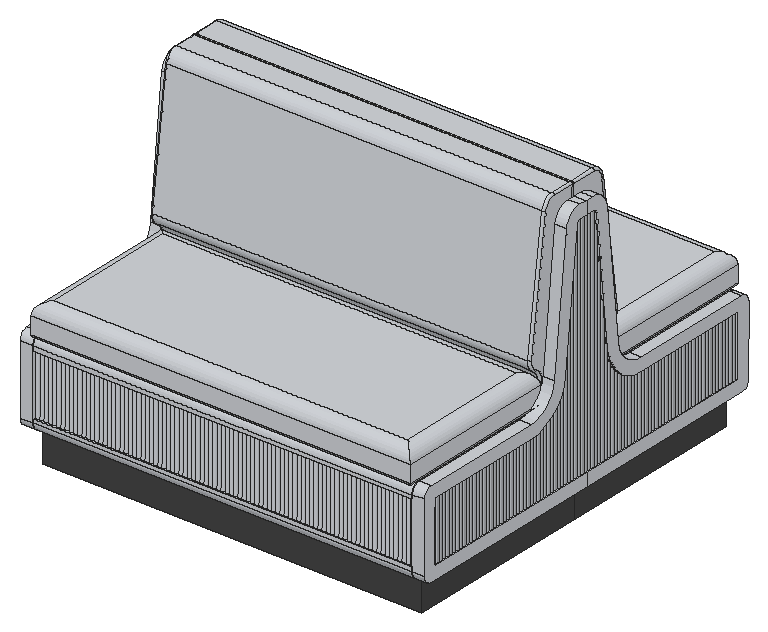
Revit family "Trenton Booth", category Furniture, Revit 2021 (continued)
Forms (mm)
  Extrusion 194, solid, material <- "Wood frame"
    sketch origin (-635, 101.6, 0) x (1, 0, 0) y (0, 1, 0)
      loop
        line (1231.9, -558.8) -> (1231.9, -571.5)
    from 139.7 to 323.863
  Extrusion 195, solid, material <- "Wood frame"
    sketch origin (-635, 114.3, 0) x (1, 0, 0) y (0, 1, 0)
      loop
        arc (1231.9, -571.5) -> (1238.25, -565.15) -> (1231.9, -558.8) r 6.35
        line (1231.9, -558.8) -> (1231.9, -571.5)
    from 139.7 to 323.863
  Extrusion 196, solid, material <- "Wood frame"
    sketch origin (-635, 127, 0) x (1, 0, 0) y (0, 1, 0)
      loop
        arc (1231.9, -571.5) -> (1238.25, -565.15) -> (1231.9, -558.8) r 6.35
        line (1231.9, -558.8) -> (1231.9, -571.5)
    from 139.7 to 323.863
  Extrusion 197, solid, material <- "Wood frame"
    sketch origin (-635, 139.7, 0) x (1, 0, 0) y (0, 1, 0)
      loop
        arc (1231.9, -571.5) -> (1238.25, -565.15) -> (1231.9, -558.8) r 6.35
        line (1231.9, -558.8) -> (1231.9, -571.5)
    from 139.7 to 323.863
  Extrusion 198, solid, material <- "Wood frame"
    sketch origin (-635, 152.4, 0) x (1, 0, 0) y (0, 1, 0)
      loop
        arc (1231.9, -571.5) -> (1238.25, -565.15) -> (1231.9, -558.8) r 6.35
        line (1231.9, -558.8) -> (1231.9, -571.5)
    from 139.7 to 323.863
  Extrusion 199, solid, material <- "Wood frame"
    sketch origin (-635, 165.1, 0) x (1, 0, 0) y (0, 1, 0)
      loop
        arc (1231.9, -571.5) -> (1238.25, -565.15) -> (1231.9, -558.8) r 6.35
        line (1231.9, -558.8) -> (1231.9, -571.5)
    from 139.7 to 323.863
  Extrusion 200, solid, material <- "Wood frame"
    sketch origin (-635, 177.8, 0) x (1, 0, 0) y (0, 1, 0)
      loop
        arc (1231.9, -571.5) -> (1238.25, -565.15) -> (1231.9, -558.8) r 6.35
        line (1231.9, -558.8) -> (1231.9, -571.5)
    from 139.7 to 323.863
  Extrusion 201, solid, material <- "Wood frame"
    sketch origin (-635, 190.5, 0) x (1, 0, 0) y (0, 1, 0)
      loop
        arc (1231.9, -571.5) -> (1238.25, -565.15) -> (1231.9, -558.8) r 6.35
        line (1231.9, -558.8) -> (1231.9, -571.5)
    from 139.7 to 323.863
  Extrusion 202, solid, material <- "Wood frame"
    sketch origin (-635, 203.2, 0) x (1, 0, 0) y (0, 1, 0)
      loop
        arc (1231.9, -571.5) -> (1238.25, -565.15) -> (1231.9, -558.8) r 6.35
        line (1231.9, -558.8) -> (1231.9, -571.5)
    from 139.7 to 323.863
  Extrusion 203, solid, material <- "Wood frame"
    sketch origin (-635, 215.9, 0) x (1, 0, 0) y (0, 1, 0)
      loop
        arc (1231.9, -571.5) -> (1238.25, -565.15) -> (1231.9, -558.8) r 6.35
        line (1231.9, -558.8) -> (1231.9, -571.5)
    from 139.7 to 323.863
  Extrusion 204, solid, material <- "Wood frame"
    sketch origin (-635, 228.6, 0) x (1, 0, 0) y (0, 1, 0)
      loop
        arc (1231.9, -571.5) -> (1238.25, -565.15) -> (1231.9, -558.8) r 6.35
        line (1231.9, -558.8) -> (1231.9, -571.5)
    from 139.7 to 323.863
  Extrusion 205, solid, material <- "Wood frame"
    sketch origin (-635, 241.3, 0) x (1, 0, 0) y (0, 1, 0)
      loop
        arc (1231.9, -571.5) -> (1238.25, -565.15) -> (1231.9, -558.8) r 6.35
        line (1231.9, -558.8) -> (1231.9, -571.5)
    from 139.7 to 323.863
  Extrusion 206, solid, material <- "Wood frame"
    sketch origin (-635, 254, 0) x (1, 0, 0) y (0, 1, 0)
      loop
        arc (1231.9, -571.5) -> (1238.25, -565.15) -> (1231.9, -558.8) r 6.35
        line (1231.9, -558.8) -> (1231.9, -571.5)
    from 139.7 to 323.863
  Extrusion 207, solid, material <- "Wood frame"
    sketch origin (-635, 266.7, 0) x (1, 0, 0) y (0, 1, 0)
      loop
        arc (1231.9, -571.5) -> (1238.25, -565.15) -> (1231.9, -558.8) r 6.35
        line (1231.9, -558.8) -> (1231.9, -571.5)
    from 139.7 to 323.863
  Extrusion 208, solid, material <- "Wood frame"
    sketch origin (-635, 279.4, 0) x (1, 0, 0) y (0, 1, 0)
      loop
        arc (1231.9, -571.5) -> (1238.25, -565.15) -> (1231.9, -558.8) r 6.35
        line (1231.9, -558.8) -> (1231.9, -571.5)
    from 139.7 to 323.863
  Extrusion 209, solid, material <- "Wood frame"
    sketch origin (-635, 292.1, 0) x (1, 0, 0) y (0, 1, 0)
      loop
        arc (1231.9, -571.5) -> (1238.25, -565.15) -> (1231.9, -558.8) r 6.35
        line (1231.9, -558.8) -> (1231.9, -571.5)
    from 139.7 to 323.863
  Extrusion 210, solid, material <- "Wood frame"
    sketch origin (-635, 304.8, 0) x (1, 0, 0) y (0, 1, 0)
      loop
        arc (1231.9, -571.5) -> (1238.25, -565.15) -> (1231.9, -558.8) r 6.35
        line (1231.9, -558.8) -> (1231.9, -571.5)
    from 139.7 to 323.863
  Extrusion 211, solid, material <- "Wood frame"
    sketch origin (-635, 317.5, 0) x (1, 0, 0) y (0, 1, 0)
      loop
        arc (1231.9, -571.5) -> (1238.25, -565.15) -> (1231.9, -558.8) r 6.35
        line (1231.9, -558.8) -> (1231.9, -571.5)
    from 139.7 to 323.863
  Extrusion 212, solid, material <- "Wood frame"
    sketch origin (-635, 330.2, 0) x (1, 0, 0) y (0, 1, 0)
      loop
        arc (1231.9, -571.5) -> (1238.25, -565.15) -> (1231.9, -558.8) r 6.35
        line (1231.9, -558.8) -> (1231.9, -571.5)
    from 139.7 to 323.863
  Extrusion 213, solid, material <- "Wood frame"
    sketch origin (-635, 342.9, 0) x (1, 0, 0) y (0, 1, 0)
      loop
        arc (1231.9, -571.5) -> (1238.25, -565.15) -> (1231.9, -558.8) r 6.35
        line (1231.9, -558.8) -> (1231.9, -571.5)
    from 139.7 to 323.863
  Extrusion 214, solid, material <- "Wood frame"
    sketch origin (-635, 355.6, 0) x (1, 0, 0) y (0, 1, 0)
      loop
        arc (1231.9, -571.5) -> (1238.25, -565.15) -> (1231.9, -558.8) r 6.35
        line (1231.9, -558.8) -> (1231.9, -571.5)
    from 139.7 to 341.99
  Extrusion 215, solid, material <- "Wood frame"
    sketch origin (-635, 368.3, 0) x (1, 0, 0) y (0, 1, 0)
      loop
        arc (1231.9, -571.5) -> (1238.25, -565.15) -> (1231.9, -558.8) r 6.35
        line (1231.9, -558.8) -> (1231.9, -571.5)
    from 139.7 to 341.99
  Extrusion 216, solid, material <- "Wood frame"
    sketch origin (-635, 381, 0) x (1, 0, 0) y (0, 1, 0)
      loop
        arc (1231.9, -571.5) -> (1238.25, -565.15) -> (1231.9, -558.8) r 6.35
        line (1231.9, -558.8) -> (1231.9, -571.5)
    from 139.7 to 341.99
  Extrusion 217, solid, material <- "Wood frame"
    sketch origin (-635, 393.7, 0) x (1, 0, 0) y (0, 1, 0)
      loop
        arc (1231.9, -571.5) -> (1238.25, -565.15) -> (1231.9, -558.8) r 6.35
        line (1231.9, -558.8) -> (1231.9, -571.5)
    from 139.7 to 341.99
  Extrusion 218, solid, material <- "Wood frame"
    sketch origin (-635, 406.4, 0) x (1, 0, 0) y (0, 1, 0)
      loop
        arc (1231.9, -571.5) -> (1238.25, -565.15) -> (1231.9, -558.8) r 6.35
        line (1231.9, -558.8) -> (1231.9, -571.5)
    from 139.7 to 341.99
  Extrusion 219, solid, material <- "Wood frame"
    sketch origin (-635, 419.1, 0) x (1, 0, 0) y (0, 1, 0)
      loop
        arc (1231.9, -571.5) -> (1238.25, -565.15) -> (1231.9, -558.8) r 6.35
        line (1231.9, -558.8) -> (1231.9, -571.5)
    from 139.7 to 361.95
  Extrusion 220, solid, material <- "Wood frame"
    sketch origin (-635, 431.8, 0) x (1, 0, 0) y (0, 1, 0)
      loop
        arc (1231.9, -571.5) -> (1238.25, -565.15) -> (1231.9, -558.8) r 6.35
        line (1231.9, -558.8) -> (1231.9, -571.5)
    from 139.7 to 361.95
  Extrusion 221, solid, material <- "Wood frame"
    sketch origin (-635, 444.5, 0) x (1, 0, 0) y (0, 1, 0)
      loop
        arc (1231.9, -571.5) -> (1238.25, -565.15) -> (1231.9, -558.8) r 6.35
        line (1231.9, -558.8) -> (1231.9, -571.5)
    from 139.7 to 361.95
  Extrusion 222, solid, material <- "Wood frame"
    sketch origin (-635, 457.2, 0) x (1, 0, 0) y (0, 1, 0)
      loop
        arc (1231.9, -571.5) -> (1238.25, -565.15) -> (1231.9, -558.8) r 6.35
        line (1231.9, -558.8) -> (1231.9, -571.5)
    from 139.7 to 416.58
  Extrusion 223, solid, material <- "Wood frame"
    sketch origin (-635, 469.9, 0) x (1, 0, 0) y (0, 1, 0)
      loop
        arc (1231.9, -571.5) -> (1238.25, -565.15) -> (1231.9, -558.8) r 6.35
        line (1231.9, -558.8) -> (1231.9, -571.5)
    from 139.7 to 416.58
  Extrusion 224, solid, material <- "Wood frame"
    sketch origin (-635, 482.6, 0) x (1, 0, 0) y (0, 1, 0)
      loop
        arc (1231.9, -571.5) -> (1238.25, -565.15) -> (1231.9, -558.8) r 6.35
        line (1231.9, -558.8) -> (1231.9, -571.5)
    from 139.7 to 534.528
  Extrusion 225, solid, material <- "Wood frame"
    sketch origin (-635, 495.3, 0) x (1, 0, 0) y (0, 1, 0)
      loop
        arc (1231.9, -571.5) -> (1238.25, -565.15) -> (1231.9, -558.8) r 6.35
        line (1231.9, -558.8) -> (1231.9, -571.5)
    from 139.7 to 653.333
  Extrusion 226, solid, material <- "Wood frame"
    sketch origin (-635, 508, 0) x (1, 0, 0) y (0, 1, 0)
      loop
        arc (1231.9, -571.5) -> (1238.25, -565.15) -> (1231.9, -558.8) r 6.35
        line (1231.9, -558.8) -> (1231.9, -571.5)
    from 139.7 to 838.2
  Extrusion 227, solid, material <- "Wood frame"
    sketch origin (-635, 520.7, 0) x (1, 0, 0) y (0, 1, 0)
      loop
        arc (1231.9, -571.5) -> (1238.25, -565.15) -> (1231.9, -558.8) r 6.35
        line (1231.9, -558.8) -> (1231.9, -571.5)
    from 139.7 to 838.2
  Extrusion 228, solid, material <- "Wood frame"
    sketch origin (-635, 533.4, 0) x (1, 0, 0) y (0, 1, 0)
      loop
        arc (1231.9, -571.5) -> (1238.25, -565.15) -> (1231.9, -558.8) r 6.35
        line (1231.9, -558.8) -> (1231.9, -571.5)
    from 139.7 to 838.2
  Extrusion 229, solid, material <- "Wood frame"
    sketch origin (-635, 546.1, 0) x (1, 0, 0) y (0, 1, 0)
      loop
        arc (1231.9, -571.5) -> (1238.25, -565.15) -> (1231.9, -558.8) r 6.35
        line (1231.9, -558.8) -> (1231.9, -571.5)
    from 139.7 to 838.2
  Extrusion 230, solid, material <- "Wood frame"
    sketch origin (-635, 558.8, 0) x (1, 0, 0) y (0, 1, 0)
      loop
        arc (1231.9, -571.5) -> (1238.25, -565.15) -> (1231.9, -558.8) r 6.35
        line (1231.9, -558.8) -> (1231.9, -571.5)
    from 139.7 to 838.2
  Extrusion 231, solid, material <- "Wood frame"
    sketch origin (0, -1270, 0) x (0, 1, 0) y (0, 0, 1)
      loop
        line (1270, 876.3) -> (1245.618, 876.3)
        arc (1245.618, 876.3) -> (1211.739, 863.353) -> (1195.129, 831.11) r 50.8
        line (1195.129, 831.11) -> (1151.787, 441.033)
        arc (1151.787, 441.033) -> (1122.72, 384.608) -> (1063.431, 361.95) r 88.9
        line (1063.431, 361.95) -> (685.8, 361.95)
        arc (685.8, 361.95) -> (667.839, 354.511) -> (660.4, 336.55) r 25.4
        line (660.4, 336.55) -> (660.4, 127)
        arc (660.4, 127) -> (667.839, 109.039) -> (685.8, 101.6) r 25.4
        line (685.8, 101.6) -> (1270, 101.6) -> (1270, 139.7) -> (698.5, 139.7) -> (698.5, 323.854) -> (1062.511, 323.854)
        arc (1062.511, 323.854) -> (1147.104, 356.126) -> (1188.706, 436.541) r 127.004
        line (1188.706, 436.541) -> (1232.996, 826.902)
        arc (1232.996, 826.902) -> (1237.148, 834.963) -> (1245.618, 838.2) r 12.7
        line (1245.618, 838.2) -> (1270, 838.2) -> (1270, 876.3)
    from 571.5 to 609.6
  Extrusion 232, solid, material <- "Wood frame", visible <- "Single"
    sketch origin (0, 0, 0) x (0, 1, 0) y (0, 0, 1)
      loop
        line (12.7, 876.3) -> (0, 876.3) -> (0, 101.6) -> (12.7, 101.6)
        arc (12.7, 101.6) -> (30.661, 109.039) -> (38.1, 127) r 25.4
        line (38.1, 127) -> (38.1, 850.9)
        arc (38.1, 850.9) -> (30.661, 868.861) -> (12.7, 876.3) r 25.4
    from 571.5 to 609.6
  Extrusion 233, solid, material <- "Seat upholstery"
    sketch origin (0, 0, 0) x (0, 1, 0) y (0, 0, 1)
      loop
        line (-615.95, 457.2) -> (-615.95, 361.95) -> (-127.991, 361.95) -> (-127.991, 457.2) -> (-615.95, 457.2)
    from -571.5 to 571.5
  Extrusion 234, solid, material <- "Back upholstery"
    sketch origin (0, 0, 0) x (0, 1, 0) y (0, 0, 1)
      loop
        line (0, 361.95) -> (0, 908.05)
        arc (0, 908.05) -> (-1.86, 912.54) -> (-6.35, 914.4) r 6.35
        line (-6.35, 914.4) -> (-74.713, 914.4)
        arc (-74.713, 914.4) -> (-99.759, 905.011) -> (-112.461, 881.471) r 38.1
        line (-112.461, 881.471) -> (-164.909, 500.449)
        arc (-164.909, 500.449) -> (-161.42, 478.593) -> (-146.332, 462.401) r 37.948
        arc (-146.332, 462.401) -> (-132.413, 448.458) -> (-127.32, 429.427) r 38.1
        line (-127.32, 429.427) -> (-127.32, 361.95) -> (0, 361.95)
    from -571.5 to 571.5
  Extrusion 235, solid, material <- "Wood frame"
    sketch origin (635, 0, 0) x (-1, 0, 0) y (0, -1, 0)
      loop
        line (1231.9, 571.5) -> (1231.9, 558.8)
        arc (1231.9, 558.8) -> (1238.25, 565.15) -> (1231.9, 571.5) r 6.35
    from 139.7 to 323.863
  Extrusion 236, solid, material <- "Wood frame"
    sketch origin (635, 12.7, 0) x (-1, 0, 0) y (0, -1, 0)
      loop
        line (1231.9, 571.5) -> (1231.9, 558.8)
        arc (1231.9, 558.8) -> (1238.25, 565.15) -> (1231.9, 571.5) r 6.35
    from 139.7 to 323.863
  Extrusion 237, solid, material <- "Wood frame"
    sketch origin (635, 25.4, 0) x (-1, 0, 0) y (0, -1, 0)
      loop
        line (1231.9, 571.5) -> (1231.9, 558.8)
        arc (1231.9, 558.8) -> (1238.25, 565.15) -> (1231.9, 571.5) r 6.35
    from 139.7 to 323.863
  Extrusion 238, solid, material <- "Wood frame"
    sketch origin (635, 38.1, 0) x (-1, 0, 0) y (0, -1, 0)
      loop
        line (1231.9, 571.5) -> (1231.9, 558.8)
        arc (1231.9, 558.8) -> (1238.25, 565.15) -> (1231.9, 571.5) r 6.35
    from 139.7 to 323.863
  Extrusion 239, solid, material <- "Wood frame"
    sketch origin (635, 50.8, 0) x (-1, 0, 0) y (0, -1, 0)
      loop
        line (1231.9, 571.5) -> (1231.9, 558.8)
        arc (1231.9, 558.8) -> (1238.25, 565.15) -> (1231.9, 571.5) r 6.35
    from 139.7 to 323.863
  Extrusion 240, solid, material <- "Wood frame"
    sketch origin (635, 63.5, 0) x (-1, 0, 0) y (0, -1, 0)
      loop
        line (1231.9, 571.5) -> (1231.9, 558.8)
        arc (1231.9, 558.8) -> (1238.25, 565.15) -> (1231.9, 571.5) r 6.35
    from 139.7 to 323.863
  Extrusion 241, solid, material <- "Wood frame"
    sketch origin (635, 76.2, 0) x (-1, 0, 0) y (0, -1, 0)
      loop
        line (1231.9, 571.5) -> (1231.9, 558.8)
        arc (1231.9, 558.8) -> (1238.25, 565.15) -> (1231.9, 571.5) r 6.35
    from 139.7 to 323.863
  Extrusion 242, solid, material <- "Wood frame"
    sketch origin (635, 88.9, 0) x (-1, 0, 0) y (0, -1, 0)
      loop
        line (1231.9, 571.5) -> (1231.9, 558.8)
        arc (1231.9, 558.8) -> (1238.25, 565.15) -> (1231.9, 571.5) r 6.35
    from 139.7 to 323.863
  Extrusion 243, solid, material <- "Wood frame"
    sketch origin (635, 101.6, 0) x (-1, 0, 0) y (0, -1, 0)
      loop
        line (1231.9, 571.5) -> (1231.9, 558.8)
        arc (1231.9, 558.8) -> (1238.25, 565.15) -> (1231.9, 571.5) r 6.35
    from 139.7 to 323.863
  Extrusion 244, solid, material <- "Wood frame"
    sketch origin (635, 114.3, 0) x (-1, 0, 0) y (0, -1, 0)
      loop
        line (1231.9, 571.5) -> (1231.9, 558.8)
        arc (1231.9, 558.8) -> (1238.25, 565.15) -> (1231.9, 571.5) r 6.35
    from 139.7 to 323.863
  Extrusion 245, solid, material <- "Wood frame"
    sketch origin (635, 127, 0) x (-1, 0, 0) y (0, -1, 0)
      loop
        line (1231.9, 571.5) -> (1231.9, 558.8)
        arc (1231.9, 558.8) -> (1238.25, 565.15) -> (1231.9, 571.5) r 6.35
    from 139.7 to 323.863
  Extrusion 246, solid, material <- "Wood frame"
    sketch origin (635, 139.7, 0) x (-1, 0, 0) y (0, -1, 0)
      loop
        line (1231.9, 571.5) -> (1231.9, 558.8)
        arc (1231.9, 558.8) -> (1238.25, 565.15) -> (1231.9, 571.5) r 6.35
    from 139.7 to 323.863
  Extrusion 247, solid, material <- "Wood frame"
    sketch origin (635, 152.4, 0) x (-1, 0, 0) y (0, -1, 0)
      loop
        line (1231.9, 571.5) -> (1231.9, 558.8)
        arc (1231.9, 558.8) -> (1238.25, 565.15) -> (1231.9, 571.5) r 6.35
    from 139.7 to 323.863
  Extrusion 248, solid, material <- "Wood frame"
    sketch origin (635, 165.1, 0) x (-1, 0, 0) y (0, -1, 0)
      loop
        line (1231.9, 571.5) -> (1231.9, 558.8)
        arc (1231.9, 558.8) -> (1238.25, 565.15) -> (1231.9, 571.5) r 6.35
    from 139.7 to 323.863
  Extrusion 249, solid, material <- "Wood frame"
    sketch origin (635, 177.8, 0) x (-1, 0, 0) y (0, -1, 0)
      loop
        line (1231.9, 571.5) -> (1231.9, 558.8)
        arc (1231.9, 558.8) -> (1238.25, 565.15) -> (1231.9, 571.5) r 6.35
    from 139.7 to 323.863
  Extrusion 250, solid, material <- "Wood frame"
    sketch origin (635, 190.5, 0) x (-1, 0, 0) y (0, -1, 0)
      loop
        line (1231.9, 571.5) -> (1231.9, 558.8)
        arc (1231.9, 558.8) -> (1238.25, 565.15) -> (1231.9, 571.5) r 6.35
    from 139.7 to 323.863
  Extrusion 251, solid, material <- "Wood frame"
    sketch origin (635, 203.2, 0) x (-1, 0, 0) y (0, -1, 0)
      loop
        line (1231.9, 571.5) -> (1231.9, 558.8)
        arc (1231.9, 558.8) -> (1238.25, 565.15) -> (1231.9, 571.5) r 6.35
    from 139.7 to 323.863
  Extrusion 252, solid, material <- "Wood frame"
    sketch origin (635, 215.9, 0) x (-1, 0, 0) y (0, -1, 0)
      loop
        line (1231.9, 571.5) -> (1231.9, 558.8)
        arc (1231.9, 558.8) -> (1238.25, 565.15) -> (1231.9, 571.5) r 6.35
    from 139.7 to 323.863
  Extrusion 253, solid, material <- "Wood frame"
    sketch origin (635, 228.6, 0) x (-1, 0, 0) y (0, -1, 0)
      loop
        line (1231.9, 571.5) -> (1231.9, 558.8)
        arc (1231.9, 558.8) -> (1238.25, 565.15) -> (1231.9, 571.5) r 6.35
    from 139.7 to 323.863
  Extrusion 254, solid, material <- "Wood frame"
    sketch origin (635, 241.3, 0) x (-1, 0, 0) y (0, -1, 0)
      loop
        line (1231.9, 571.5) -> (1231.9, 558.8)
        arc (1231.9, 558.8) -> (1238.25, 565.15) -> (1231.9, 571.5) r 6.35
    from 139.7 to 323.863
  Extrusion 255, solid, material <- "Wood frame"
    sketch origin (635, 254, 0) x (-1, 0, 0) y (0, -1, 0)
      loop
        line (1231.9, 571.5) -> (1231.9, 558.8)
        arc (1231.9, 558.8) -> (1238.25, 565.15) -> (1231.9, 571.5) r 6.35
    from 139.7 to 323.863
  Extrusion 256, solid, material <- "Wood frame"
    sketch origin (635, 266.7, 0) x (-1, 0, 0) y (0, -1, 0)
      loop
        line (1231.9, 571.5) -> (1231.9, 558.8)
        arc (1231.9, 558.8) -> (1238.25, 565.15) -> (1231.9, 571.5) r 6.35
    from 139.7 to 323.863
  Extrusion 257, solid, material <- "Wood frame"
    sketch origin (635, 279.4, 0) x (-1, 0, 0) y (0, -1, 0)
      loop
        line (1231.9, 571.5) -> (1231.9, 558.8)
        arc (1231.9, 558.8) -> (1238.25, 565.15) -> (1231.9, 571.5) r 6.35
    from 139.7 to 323.863
  Extrusion 258, solid, material <- "Wood frame"
    sketch origin (635, 292.1, 0) x (-1, 0, 0) y (0, -1, 0)
      loop
        line (1231.9, 571.5) -> (1231.9, 558.8)
        arc (1231.9, 558.8) -> (1238.25, 565.15) -> (1231.9, 571.5) r 6.35
    from 139.7 to 323.863
  Extrusion 259, solid, material <- "Wood frame"
    sketch origin (635, 304.8, 0) x (-1, 0, 0) y (0, -1, 0)
      loop
        line (1231.9, 571.5) -> (1231.9, 558.8)
        arc (1231.9, 558.8) -> (1238.25, 565.15) -> (1231.9, 571.5) r 6.35
    from 139.7 to 323.863
  Extrusion 260, solid, material <- "Wood frame"
    sketch origin (635, 317.5, 0) x (-1, 0, 0) y (0, -1, 0)
      loop
        line (1231.9, 571.5) -> (1231.9, 558.8)
        arc (1231.9, 558.8) -> (1238.25, 565.15) -> (1231.9, 571.5) r 6.35
    from 139.7 to 323.863
  Extrusion 261, solid, material <- "Wood frame"
    sketch origin (635, 330.2, 0) x (-1, 0, 0) y (0, -1, 0)
      loop
        line (1231.9, 571.5) -> (1231.9, 558.8)
        arc (1231.9, 558.8) -> (1238.25, 565.15) -> (1231.9, 571.5) r 6.35
    from 139.7 to 323.863
  Extrusion 262, solid, material <- "Wood frame"
    sketch origin (635, 342.9, 0) x (-1, 0, 0) y (0, -1, 0)
      loop
        line (1231.9, 571.5) -> (1231.9, 558.8)
        arc (1231.9, 558.8) -> (1238.25, 565.15) -> (1231.9, 571.5) r 6.35
    from 139.7 to 323.863
  Extrusion 263, solid, material <- "Wood frame"
    sketch origin (635, 355.6, 0) x (-1, 0, 0) y (0, -1, 0)
      loop
        line (1231.9, 571.5) -> (1231.9, 558.8)
        arc (1231.9, 558.8) -> (1238.25, 565.15) -> (1231.9, 571.5) r 6.35
    from 139.7 to 341.99
  Extrusion 264, solid, material <- "Wood frame"
    sketch origin (635, 368.3, 0) x (-1, 0, 0) y (0, -1, 0)
      loop
        line (1231.9, 571.5) -> (1231.9, 558.8)
        arc (1231.9, 558.8) -> (1238.25, 565.15) -> (1231.9, 571.5) r 6.35
    from 139.7 to 341.99
  Extrusion 265, solid, material <- "Wood frame"
    sketch origin (635, 381, 0) x (-1, 0, 0) y (0, -1, 0)
      loop
        line (1231.9, 571.5) -> (1231.9, 558.8)
        arc (1231.9, 558.8) -> (1238.25, 565.15) -> (1231.9, 571.5) r 6.35
    from 139.7 to 341.99
  Extrusion 266, solid, material <- "Wood frame"
    sketch origin (635, 393.7, 0) x (-1, 0, 0) y (0, -1, 0)
      loop
        line (1231.9, 571.5) -> (1231.9, 558.8)
        arc (1231.9, 558.8) -> (1238.25, 565.15) -> (1231.9, 571.5) r 6.35
    from 139.7 to 341.99
  Extrusion 267, solid, material <- "Wood frame"
    sketch origin (635, 406.4, 0) x (-1, 0, 0) y (0, -1, 0)
      loop
        line (1231.9, 571.5) -> (1231.9, 558.8)
        arc (1231.9, 558.8) -> (1238.25, 565.15) -> (1231.9, 571.5) r 6.35
    from 139.7 to 341.99
  Extrusion 268, solid, material <- "Wood frame"
    sketch origin (635, 419.1, 0) x (-1, 0, 0) y (0, -1, 0)
      loop
        line (1231.9, 571.5) -> (1231.9, 558.8)
        arc (1231.9, 558.8) -> (1238.25, 565.15) -> (1231.9, 571.5) r 6.35
    from 139.7 to 361.95
  Extrusion 269, solid, material <- "Wood frame"
    sketch origin (635, 431.8, 0) x (-1, 0, 0) y (0, -1, 0)
      loop
        line (1231.9, 571.5) -> (1231.9, 558.8)
        arc (1231.9, 558.8) -> (1238.25, 565.15) -> (1231.9, 571.5) r 6.35
    from 139.7 to 361.95
  Extrusion 270, solid, material <- "Wood frame"
    sketch origin (635, 444.5, 0) x (-1, 0, 0) y (0, -1, 0)
      loop
        line (1231.9, 571.5) -> (1231.9, 558.8)
        arc (1231.9, 558.8) -> (1238.25, 565.15) -> (1231.9, 571.5) r 6.35
    from 139.7 to 378.749
  Extrusion 271, solid, material <- "Wood frame"
    sketch origin (635, 457.2, 0) x (-1, 0, 0) y (0, -1, 0)
      loop
        line (1231.9, 571.5) -> (1231.9, 558.8)
        arc (1231.9, 558.8) -> (1238.25, 565.15) -> (1231.9, 571.5) r 6.35
    from 139.7 to 416.58
  Extrusion 272, solid, material <- "Wood frame"
    sketch origin (635, 469.9, 0) x (-1, 0, 0) y (0, -1, 0)
      loop
        line (1231.9, 571.5) -> (1231.9, 558.8)
        arc (1231.9, 558.8) -> (1238.25, 565.15) -> (1231.9, 571.5) r 6.35
    from 139.7 to 416.58
  Extrusion 273, solid, material <- "Wood frame"
    sketch origin (635, 482.6, 0) x (-1, 0, 0) y (0, -1, 0)
      loop
        line (1231.9, 571.5) -> (1231.9, 558.8)
        arc (1231.9, 558.8) -> (1238.25, 565.15) -> (1231.9, 571.5) r 6.35
    from 139.7 to 534.528
  Extrusion 274, solid, material <- "Wood frame"
    sketch origin (635, 495.3, 0) x (-1, 0, 0) y (0, -1, 0)
      loop
        line (1231.9, 571.5) -> (1231.9, 558.8)
        arc (1231.9, 558.8) -> (1238.25, 565.15) -> (1231.9, 571.5) r 6.35
    from 139.7 to 653.333
  Extrusion 275, solid, material <- "Wood frame"
    sketch origin (635, 508, 0) x (-1, 0, 0) y (0, -1, 0)
      loop
        line (1231.9, 571.5) -> (1231.9, 558.8)
        arc (1231.9, 558.8) -> (1238.25, 565.15) -> (1231.9, 571.5) r 6.35
    from 139.7 to 838.2
  Extrusion 276, solid, material <- "Wood frame"
    sketch origin (635, 520.7, 0) x (-1, 0, 0) y (0, -1, 0)
      loop
        line (1231.9, 571.5) -> (1231.9, 558.8)
        arc (1231.9, 558.8) -> (1238.25, 565.15) -> (1231.9, 571.5) r 6.35
    from 139.7 to 838.2
  Extrusion 277, solid, material <- "Wood frame"
    sketch origin (635, 533.4, 0) x (-1, 0, 0) y (0, -1, 0)
      loop
        line (1231.9, 571.5) -> (1231.9, 558.8)
        arc (1231.9, 558.8) -> (1238.25, 565.15) -> (1231.9, 571.5) r 6.35
    from 139.7 to 838.2
  Extrusion 278, solid, material <- "Wood frame"
    sketch origin (635, 546.1, 0) x (-1, 0, 0) y (0, -1, 0)
      loop
        line (1231.9, 571.5) -> (1231.9, 558.8)
        arc (1231.9, 558.8) -> (1238.25, 565.15) -> (1231.9, 571.5) r 6.35
    from 139.7 to 838.2
  Extrusion 279, solid, material <- "Wood frame"
    sketch origin (635, 558.8, 0) x (-1, 0, 0) y (0, -1, 0)
      loop
        line (1231.9, 571.5) -> (1231.9, 558.8)
        arc (1231.9, 558.8) -> (1238.25, 565.15) -> (1231.9, 571.5) r 6.35
    from 139.7 to 838.2
  Extrusion 280, solid, material <- "Wood frame"
    sketch origin (0, -1270, 0) x (0, 1, 0) y (0, 0, -1)
      loop
        line (1270, -876.3) -> (1270, -838.2) -> (1245.618, -838.2)
        arc (1245.618, -838.2) -> (1237.148, -834.963) -> (1232.996, -826.902) r 12.7
        line (1232.996, -826.902) -> (1188.353, -436.594)
        arc (1188.353, -436.594) -> (1146.674, -356.045) -> (1061.937, -323.72) r 127.229
        line (1061.937, -323.72) -> (698.5, -323.72) -> (698.5, -139.7) -> (1270, -139.7) -> (1270, -101.6) -> (685.8, -101.6)
        arc (685.8, -101.6) -> (667.839, -109.039) -> (660.4, -127) r 25.4
        line (660.4, -127) -> (660.4, -336.55)
        arc (660.4, -336.55) -> (667.839, -354.511) -> (685.8, -361.95) r 25.4
        line (685.8, -361.95) -> (1063.431, -361.95)
        arc (1063.431, -361.95) -> (1122.72, -384.608) -> (1151.787, -441.033) r 88.9
        line (1151.787, -441.033) -> (1195.129, -831.11)
        arc (1195.129, -831.11) -> (1211.739, -863.353) -> (1245.618, -876.3) r 50.8
        line (1245.618, -876.3) -> (1270, -876.3)
    from 571.5 to 609.6
  Extrusion 281, solid, material <- "Wood frame", visible <- "Single"
    sketch origin (0, 0, 0) x (0, 1, 0) y (0, 0, -1)
      loop
        arc (12.7, -876.3) -> (30.661, -868.861) -> (38.1, -850.9) r 25.4
        line (38.1, -850.9) -> (38.1, -127)
        arc (38.1, -127) -> (30.661, -109.039) -> (12.7, -101.6) r 25.4
        line (12.7, -101.6) -> (0, -101.6) -> (0, -876.3) -> (12.7, -876.3)
    from 571.5 to 609.6
  Extrusion 282, solid, material "Black", visible <- "Double"
    sketch origin (0, 0, 0) x (0, -1, 0) y (0, 0, -1)
      loop
        line (-571.5, -101.6) -> (0, -101.6) -> (0, 0) -> (-571.5, 0) -> (-571.5, -101.6)
    from -571.5 to 571.5
  Extrusion 283, solid, material <- "Wood frame", visible <- "Double"
    sketch origin (0, 0, 0) x (0, -1, 0) y (0, 0, -1)
      loop
        line (0, -323.863) -> (-609.6, -323.863) -> (-609.6, -336.55)
        arc (-609.6, -336.55) -> (-602.161, -354.511) -> (-584.2, -361.95) r 25.4
        line (-584.2, -361.95) -> (0, -361.95) -> (0, -323.863)
    from -571.5 to 571.5
  Extrusion 284, solid, material <- "Wood frame", visible <- "Double"
    sketch origin (0, 0, 0) x (0, -1, 0) y (0, 0, -1)
      loop
        line (-571.5, -139.7) -> (-571.5, -101.6) -> (-584.2, -101.6)
        arc (-584.2, -101.6) -> (-602.161, -109.039) -> (-609.6, -127) r 25.4
        line (-609.6, -127) -> (-609.6, -139.7) -> (-571.5, -139.7)
    from -571.5 to 571.5
  Extrusion 285, solid, material <- "Wood frame", visible <- "Double"
    sketch origin (0, 0, 0) x (1, 0, 0) y (0, 1, 0)
      loop
        arc (571.5, 596.9) -> (565.15, 603.25) -> (558.8, 596.9) r 6.35
        line (558.8, 596.9) -> (571.5, 596.9)
    from 139.7 to 323.863
  Extrusion 286, solid, material <- "Wood frame", visible <- "Double"
    sketch origin (-12.7, 0, 0) x (1, 0, 0) y (0, 1, 0)
      loop
        arc (571.5, 596.9) -> (565.15, 603.25) -> (558.8, 596.9) r 6.35
        line (558.8, 596.9) -> (571.5, 596.9)
    from 139.7 to 323.863
  Extrusion 287, solid, material <- "Wood frame", visible <- "Double"
    sketch origin (-25.4, 0, 0) x (1, 0, 0) y (0, 1, 0)
      loop
        arc (571.5, 596.9) -> (565.15, 603.25) -> (558.8, 596.9) r 6.35
        line (558.8, 596.9) -> (571.5, 596.9)
    from 139.7 to 323.863
  Extrusion 288, solid, material <- "Wood frame", visible <- "Double"
    sketch origin (-38.1, 0, 0) x (1, 0, 0) y (0, 1, 0)
      loop
        arc (571.5, 596.9) -> (565.15, 603.25) -> (558.8, 596.9) r 6.35
        line (558.8, 596.9) -> (571.5, 596.9)
    from 139.7 to 323.863
  Extrusion 289, solid, material <- "Wood frame", visible <- "Double"
    sketch origin (-50.8, 0, 0) x (1, 0, 0) y (0, 1, 0)
      loop
        arc (571.5, 596.9) -> (565.15, 603.25) -> (558.8, 596.9) r 6.35
        line (558.8, 596.9) -> (571.5, 596.9)
    from 139.7 to 323.863
  Extrusion 290, solid, material <- "Wood frame", visible <- "Double"
    sketch origin (-63.5, 0, 0) x (1, 0, 0) y (0, 1, 0)
      loop
        arc (571.5, 596.9) -> (565.15, 603.25) -> (558.8, 596.9) r 6.35
        line (558.8, 596.9) -> (571.5, 596.9)
    from 139.7 to 323.863
  Extrusion 291, solid, material <- "Wood frame", visible <- "Double"
    sketch origin (-76.2, 0, 0) x (1, 0, 0) y (0, 1, 0)
      loop
        arc (571.5, 596.9) -> (565.15, 603.25) -> (558.8, 596.9) r 6.35
        line (558.8, 596.9) -> (571.5, 596.9)
    from 139.7 to 323.863
  Extrusion 292, solid, material <- "Wood frame", visible <- "Double"
    sketch origin (-88.9, 0, 0) x (1, 0, 0) y (0, 1, 0)
      loop
        arc (571.5, 596.9) -> (565.15, 603.25) -> (558.8, 596.9) r 6.35
        line (558.8, 596.9) -> (571.5, 596.9)
    from 139.7 to 323.863
  Extrusion 293, solid, material <- "Wood frame", visible <- "Double"
    sketch origin (-101.6, 0, 0) x (1, 0, 0) y (0, 1, 0)
      loop
        arc (571.5, 596.9) -> (565.15, 603.25) -> (558.8, 596.9) r 6.35
        line (558.8, 596.9) -> (571.5, 596.9)
    from 139.7 to 323.863
  Extrusion 294, solid, material <- "Wood frame", visible <- "Double"
    sketch origin (-114.3, 0, 0) x (1, 0, 0) y (0, 1, 0)
      loop
        arc (571.5, 596.9) -> (565.15, 603.25) -> (558.8, 596.9) r 6.35
        line (558.8, 596.9) -> (571.5, 596.9)
    from 139.7 to 323.863
  Extrusion 295, solid, material <- "Wood frame", visible <- "Double"
    sketch origin (-127, 0, 0) x (1, 0, 0) y (0, 1, 0)
      loop
        arc (571.5, 596.9) -> (565.15, 603.25) -> (558.8, 596.9) r 6.35
        line (558.8, 596.9) -> (571.5, 596.9)
    from 139.7 to 323.863
  Extrusion 296, solid, material <- "Wood frame", visible <- "Double"
    sketch origin (-139.7, 0, 0) x (1, 0, 0) y (0, 1, 0)
      loop
        arc (571.5, 596.9) -> (565.15, 603.25) -> (558.8, 596.9) r 6.35
        line (558.8, 596.9) -> (571.5, 596.9)
    from 139.7 to 323.863
  Extrusion 297, solid, material <- "Wood frame", visible <- "Double"
    sketch origin (-152.4, 0, 0) x (1, 0, 0) y (0, 1, 0)
      loop
        arc (571.5, 596.9) -> (565.15, 603.25) -> (558.8, 596.9) r 6.35
        line (558.8, 596.9) -> (571.5, 596.9)
    from 139.7 to 323.863
  Extrusion 298, solid, material <- "Wood frame", visible <- "Double"
    sketch origin (-165.1, 0, 0) x (1, 0, 0) y (0, 1, 0)
      loop
        arc (571.5, 596.9) -> (565.15, 603.25) -> (558.8, 596.9) r 6.35
        line (558.8, 596.9) -> (571.5, 596.9)
    from 139.7 to 323.863
  Extrusion 299, solid, material <- "Wood frame", visible <- "Double"
    sketch origin (-177.8, 0, 0) x (1, 0, 0) y (0, 1, 0)
      loop
        arc (571.5, 596.9) -> (565.15, 603.25) -> (558.8, 596.9) r 6.35
        line (558.8, 596.9) -> (571.5, 596.9)
    from 139.7 to 323.863
  Extrusion 300, solid, material <- "Wood frame", visible <- "Double"
    sketch origin (-190.5, 0, 0) x (1, 0, 0) y (0, 1, 0)
      loop
        arc (571.5, 596.9) -> (565.15, 603.25) -> (558.8, 596.9) r 6.35
        line (558.8, 596.9) -> (571.5, 596.9)
    from 139.7 to 323.863
  Extrusion 301, solid, material <- "Wood frame", visible <- "Double"
    sketch origin (-203.2, 0, 0) x (1, 0, 0) y (0, 1, 0)
      loop
        arc (571.5, 596.9) -> (565.15, 603.25) -> (558.8, 596.9) r 6.35
        line (558.8, 596.9) -> (571.5, 596.9)
    from 139.7 to 323.863
  Extrusion 302, solid, material <- "Wood frame", visible <- "Double"
    sketch origin (-215.9, 0, 0) x (1, 0, 0) y (0, 1, 0)
      loop
        arc (571.5, 596.9) -> (565.15, 603.25) -> (558.8, 596.9) r 6.35
        line (558.8, 596.9) -> (571.5, 596.9)
    from 139.7 to 323.863
  Extrusion 303, solid, material <- "Wood frame", visible <- "Double"
    sketch origin (-228.6, 0, 0) x (1, 0, 0) y (0, 1, 0)
      loop
        arc (571.5, 596.9) -> (565.15, 603.25) -> (558.8, 596.9) r 6.35
        line (558.8, 596.9) -> (571.5, 596.9)
    from 139.7 to 323.863
  Extrusion 304, solid, material <- "Wood frame", visible <- "Double"
    sketch origin (-241.3, 0, 0) x (1, 0, 0) y (0, 1, 0)
      loop
        arc (571.5, 596.9) -> (565.15, 603.25) -> (558.8, 596.9) r 6.35
        line (558.8, 596.9) -> (571.5, 596.9)
    from 139.7 to 323.863
  Extrusion 305, solid, material <- "Wood frame", visible <- "Double"
    sketch origin (-254, 0, 0) x (1, 0, 0) y (0, 1, 0)
      loop
        arc (571.5, 596.9) -> (565.15, 603.25) -> (558.8, 596.9) r 6.35
        line (558.8, 596.9) -> (571.5, 596.9)
    from 139.7 to 323.863
  Extrusion 306, solid, material <- "Wood frame", visible <- "Double"
    sketch origin (-266.7, 0, 0) x (1, 0, 0) y (0, 1, 0)
      loop
        arc (571.5, 596.9) -> (565.15, 603.25) -> (558.8, 596.9) r 6.35
        line (558.8, 596.9) -> (571.5, 596.9)
    from 139.7 to 323.863
  Extrusion 307, solid, material <- "Wood frame", visible <- "Double"
    sketch origin (-279.4, 0, 0) x (1, 0, 0) y (0, 1, 0)
      loop
        arc (571.5, 596.9) -> (565.15, 603.25) -> (558.8, 596.9) r 6.35
        line (558.8, 596.9) -> (571.5, 596.9)
    from 139.7 to 323.863
  Extrusion 308, solid, material <- "Wood frame", visible <- "Double"
    sketch origin (-292.1, 0, 0) x (1, 0, 0) y (0, 1, 0)
      loop
        arc (571.5, 596.9) -> (565.15, 603.25) -> (558.8, 596.9) r 6.35
        line (558.8, 596.9) -> (571.5, 596.9)
    from 139.7 to 323.863
  Extrusion 309, solid, material <- "Wood frame", visible <- "Double"
    sketch origin (-304.8, 0, 0) x (1, 0, 0) y (0, 1, 0)
      loop
        arc (571.5, 596.9) -> (565.15, 603.25) -> (558.8, 596.9) r 6.35
        line (558.8, 596.9) -> (571.5, 596.9)
    from 139.7 to 323.863
  Extrusion 310, solid, material <- "Wood frame", visible <- "Double"
    sketch origin (-317.5, 0, 0) x (1, 0, 0) y (0, 1, 0)
      loop
        arc (571.5, 596.9) -> (565.15, 603.25) -> (558.8, 596.9) r 6.35
        line (558.8, 596.9) -> (571.5, 596.9)
    from 139.7 to 323.863
  Extrusion 311, solid, material <- "Wood frame", visible <- "Double"
    sketch origin (-330.2, 0, 0) x (1, 0, 0) y (0, 1, 0)
      loop
        arc (571.5, 596.9) -> (565.15, 603.25) -> (558.8, 596.9) r 6.35
        line (558.8, 596.9) -> (571.5, 596.9)
    from 139.7 to 323.863
  Extrusion 312, solid, material <- "Wood frame", visible <- "Double"
    sketch origin (-342.9, 0, 0) x (1, 0, 0) y (0, 1, 0)
      loop
        arc (571.5, 596.9) -> (565.15, 603.25) -> (558.8, 596.9) r 6.35
        line (558.8, 596.9) -> (571.5, 596.9)
    from 139.7 to 323.863
  Extrusion 313, solid, material <- "Wood frame", visible <- "Double"
    sketch origin (-355.6, 0, 0) x (1, 0, 0) y (0, 1, 0)
      loop
        arc (571.5, 596.9) -> (565.15, 603.25) -> (558.8, 596.9) r 6.35
        line (558.8, 596.9) -> (571.5, 596.9)
    from 139.7 to 323.863
  Extrusion 314, solid, material <- "Wood frame", visible <- "Double"
    sketch origin (-368.3, 0, 0) x (1, 0, 0) y (0, 1, 0)
      loop
        arc (571.5, 596.9) -> (565.15, 603.25) -> (558.8, 596.9) r 6.35
        line (558.8, 596.9) -> (571.5, 596.9)
    from 139.7 to 323.863
  Extrusion 315, solid, material <- "Wood frame", visible <- "Double"
    sketch origin (-381, 0, 0) x (1, 0, 0) y (0, 1, 0)
      loop
        arc (571.5, 596.9) -> (565.15, 603.25) -> (558.8, 596.9) r 6.35
        line (558.8, 596.9) -> (571.5, 596.9)
    from 139.7 to 323.863
  Extrusion 316, solid, material <- "Wood frame", visible <- "Double"
    sketch origin (-393.7, 0, 0) x (1, 0, 0) y (0, 1, 0)
      loop
        arc (571.5, 596.9) -> (565.15, 603.25) -> (558.8, 596.9) r 6.35
        line (558.8, 596.9) -> (571.5, 596.9)
    from 139.7 to 323.863
  Extrusion 317, solid, material <- "Wood frame", visible <- "Double"
    sketch origin (-406.4, 0, 0) x (1, 0, 0) y (0, 1, 0)
      loop
        arc (571.5, 596.9) -> (565.15, 603.25) -> (558.8, 596.9) r 6.35
        line (558.8, 596.9) -> (571.5, 596.9)
    from 139.7 to 323.863
  Extrusion 318, solid, material <- "Wood frame", visible <- "Double"
    sketch origin (-419.1, 0, 0) x (1, 0, 0) y (0, 1, 0)
      loop
        arc (571.5, 596.9) -> (565.15, 603.25) -> (558.8, 596.9) r 6.35
        line (558.8, 596.9) -> (571.5, 596.9)
    from 139.7 to 323.863
  Extrusion 319, solid, material <- "Wood frame", visible <- "Double"
    sketch origin (-431.8, 0, 0) x (1, 0, 0) y (0, 1, 0)
      loop
        arc (571.5, 596.9) -> (565.15, 603.25) -> (558.8, 596.9) r 6.35
        line (558.8, 596.9) -> (571.5, 596.9)
    from 139.7 to 323.863
  Extrusion 320, solid, material <- "Wood frame", visible <- "Double"
    sketch origin (-444.5, 0, 0) x (1, 0, 0) y (0, 1, 0)
      loop
        arc (571.5, 596.9) -> (565.15, 603.25) -> (558.8, 596.9) r 6.35
        line (558.8, 596.9) -> (571.5, 596.9)
    from 139.7 to 323.863
  Extrusion 321, solid, material <- "Wood frame", visible <- "Double"
    sketch origin (-457.2, 0, 0) x (1, 0, 0) y (0, 1, 0)
      loop
        arc (571.5, 596.9) -> (565.15, 603.25) -> (558.8, 596.9) r 6.35
        line (558.8, 596.9) -> (571.5, 596.9)
    from 139.7 to 323.863
  Extrusion 322, solid, material <- "Wood frame", visible <- "Double"
    sketch origin (-469.9, 0, 0) x (1, 0, 0) y (0, 1, 0)
      loop
        arc (571.5, 596.9) -> (565.15, 603.25) -> (558.8, 596.9) r 6.35
        line (558.8, 596.9) -> (571.5, 596.9)
    from 139.7 to 323.863
  Extrusion 323, solid, material <- "Wood frame", visible <- "Double"
    sketch origin (-482.6, 0, 0) x (1, 0, 0) y (0, 1, 0)
      loop
        arc (571.5, 596.9) -> (565.15, 603.25) -> (558.8, 596.9) r 6.35
        line (558.8, 596.9) -> (571.5, 596.9)
    from 139.7 to 323.863
  Extrusion 324, solid, material <- "Wood frame", visible <- "Double"
    sketch origin (-495.3, 0, 0) x (1, 0, 0) y (0, 1, 0)
      loop
        arc (571.5, 596.9) -> (565.15, 603.25) -> (558.8, 596.9) r 6.35
        line (558.8, 596.9) -> (571.5, 596.9)
    from 139.7 to 323.863
  Extrusion 325, solid, material <- "Wood frame", visible <- "Double"
    sketch origin (-508, 0, 0) x (1, 0, 0) y (0, 1, 0)
      loop
        arc (571.5, 596.9) -> (565.15, 603.25) -> (558.8, 596.9) r 6.35
        line (558.8, 596.9) -> (571.5, 596.9)
    from 139.7 to 323.863
  Extrusion 326, solid, material <- "Wood frame", visible <- "Double"
    sketch origin (-520.7, 0, 0) x (1, 0, 0) y (0, 1, 0)
      loop
        arc (571.5, 596.9) -> (565.15, 603.25) -> (558.8, 596.9) r 6.35
        line (558.8, 596.9) -> (571.5, 596.9)
    from 139.7 to 323.863
  Extrusion 327, solid, material <- "Wood frame", visible <- "Double"
    sketch origin (-533.4, 0, 0) x (1, 0, 0) y (0, 1, 0)
      loop
        arc (571.5, 596.9) -> (565.15, 603.25) -> (558.8, 596.9) r 6.35
        line (558.8, 596.9) -> (571.5, 596.9)
    from 139.7 to 323.863
  Extrusion 328, solid, material <- "Wood frame", visible <- "Double"
    sketch origin (-546.1, 0, 0) x (1, 0, 0) y (0, 1, 0)
      loop
        arc (571.5, 596.9) -> (565.15, 603.25) -> (558.8, 596.9) r 6.35
        line (558.8, 596.9) -> (571.5, 596.9)
    from 139.7 to 323.863
  Extrusion 329, solid, material <- "Wood frame", visible <- "Double"
    sketch origin (-558.8, 0, 0) x (1, 0, 0) y (0, 1, 0)
      loop
        arc (571.5, 596.9) -> (565.15, 603.25) -> (558.8, 596.9) r 6.35
        line (558.8, 596.9) -> (571.5, 596.9)
    from 139.7 to 323.863
  Extrusion 330, solid, material <- "Wood frame", visible <- "Double"
    sketch origin (-571.5, 0, 0) x (1, 0, 0) y (0, 1, 0)
      loop
        arc (571.5, 596.9) -> (565.15, 603.25) -> (558.8, 596.9) r 6.35
        line (558.8, 596.9) -> (571.5, 596.9)
    from 139.7 to 323.863
  Extrusion 331, solid, material <- "Wood frame", visible <- "Double"
    sketch origin (-584.2, 0, 0) x (1, 0, 0) y (0, 1, 0)
      loop
        arc (571.5, 596.9) -> (565.15, 603.25) -> (558.8, 596.9) r 6.35
        line (558.8, 596.9) -> (571.5, 596.9)
    from 139.7 to 323.863
  Extrusion 332, solid, material <- "Wood frame", visible <- "Double"
    sketch origin (-596.9, 0, 0) x (1, 0, 0) y (0, 1, 0)
      loop
        arc (571.5, 596.9) -> (565.15, 603.25) -> (558.8, 596.9) r 6.35
        line (558.8, 596.9) -> (571.5, 596.9)
    from 139.7 to 323.863
  Extrusion 333, solid, material <- "Wood frame", visible <- "Double"
    sketch origin (-609.6, 0, 0) x (1, 0, 0) y (0, 1, 0)
      loop
        arc (571.5, 596.9) -> (565.15, 603.25) -> (558.8, 596.9) r 6.35
        line (558.8, 596.9) -> (571.5, 596.9)
    from 139.7 to 323.863
  Extrusion 334, solid, material <- "Wood frame", visible <- "Double"
    sketch origin (-622.3, 0, 0) x (1, 0, 0) y (0, 1, 0)
      loop
        arc (571.5, 596.9) -> (565.15, 603.25) -> (558.8, 596.9) r 6.35
        line (558.8, 596.9) -> (571.5, 596.9)
    from 139.7 to 323.863
  Extrusion 335, solid, material <- "Wood frame", visible <- "Double"
    sketch origin (-635, 0, 0) x (1, 0, 0) y (0, 1, 0)
      loop
        arc (571.5, 596.9) -> (565.15, 603.25) -> (558.8, 596.9) r 6.35
        line (558.8, 596.9) -> (571.5, 596.9)
    from 139.7 to 323.863
  Extrusion 336, solid, material <- "Wood frame", visible <- "Double"
    sketch origin (-647.7, 0, 0) x (1, 0, 0) y (0, 1, 0)
      loop
        arc (571.5, 596.9) -> (565.15, 603.25) -> (558.8, 596.9) r 6.35
        line (558.8, 596.9) -> (571.5, 596.9)
    from 139.7 to 323.863
  Extrusion 337, solid, material <- "Wood frame", visible <- "Double"
    sketch origin (-660.4, 0, 0) x (1, 0, 0) y (0, 1, 0)
      loop
        arc (571.5, 596.9) -> (565.15, 603.25) -> (558.8, 596.9) r 6.35
        line (558.8, 596.9) -> (571.5, 596.9)
    from 139.7 to 323.863
  Extrusion 338, solid, material <- "Wood frame", visible <- "Double"
    sketch origin (-673.1, 0, 0) x (1, 0, 0) y (0, 1, 0)
      loop
        arc (571.5, 596.9) -> (565.15, 603.25) -> (558.8, 596.9) r 6.35
        line (558.8, 596.9) -> (571.5, 596.9)
    from 139.7 to 323.863
  Extrusion 339, solid, material <- "Wood frame", visible <- "Double"
    sketch origin (-685.8, 0, 0) x (1, 0, 0) y (0, 1, 0)
      loop
        arc (571.5, 596.9) -> (565.15, 603.25) -> (558.8, 596.9) r 6.35
        line (558.8, 596.9) -> (571.5, 596.9)
    from 139.7 to 323.863
  Extrusion 340, solid, material <- "Wood frame", visible <- "Double"
    sketch origin (-698.5, 0, 0) x (1, 0, 0) y (0, 1, 0)
      loop
        arc (571.5, 596.9) -> (565.15, 603.25) -> (558.8, 596.9) r 6.35
        line (558.8, 596.9) -> (571.5, 596.9)
    from 139.7 to 323.863
  Extrusion 341, solid, material <- "Wood frame", visible <- "Double"
    sketch origin (-711.2, 0, 0) x (1, 0, 0) y (0, 1, 0)
      loop
        arc (571.5, 596.9) -> (565.15, 603.25) -> (558.8, 596.9) r 6.35
        line (558.8, 596.9) -> (571.5, 596.9)
    from 139.7 to 323.863
  Extrusion 342, solid, material <- "Wood frame", visible <- "Double"
    sketch origin (-723.9, 0, 0) x (1, 0, 0) y (0, 1, 0)
      loop
        arc (571.5, 596.9) -> (565.15, 603.25) -> (558.8, 596.9) r 6.35
        line (558.8, 596.9) -> (571.5, 596.9)
    from 139.7 to 323.863
  Extrusion 343, solid, material <- "Wood frame", visible <- "Double"
    sketch origin (-736.6, 0, 0) x (1, 0, 0) y (0, 1, 0)
      loop
        arc (571.5, 596.9) -> (565.15, 603.25) -> (558.8, 596.9) r 6.35
        line (558.8, 596.9) -> (571.5, 596.9)
    from 139.7 to 323.863
  Extrusion 344, solid, material <- "Wood frame", visible <- "Double"
    sketch origin (-749.3, 0, 0) x (1, 0, 0) y (0, 1, 0)
      loop
        arc (571.5, 596.9) -> (565.15, 603.25) -> (558.8, 596.9) r 6.35
        line (558.8, 596.9) -> (571.5, 596.9)
    from 139.7 to 323.863
  Extrusion 345, solid, material <- "Wood frame", visible <- "Double"
    sketch origin (-762, 0, 0) x (1, 0, 0) y (0, 1, 0)
      loop
        arc (571.5, 596.9) -> (565.15, 603.25) -> (558.8, 596.9) r 6.35
        line (558.8, 596.9) -> (571.5, 596.9)
    from 139.7 to 323.863
  Extrusion 346, solid, material <- "Wood frame", visible <- "Double"
    sketch origin (-774.7, 0, 0) x (1, 0, 0) y (0, 1, 0)
      loop
        arc (571.5, 596.9) -> (565.15, 603.25) -> (558.8, 596.9) r 6.35
        line (558.8, 596.9) -> (571.5, 596.9)
    from 139.7 to 323.863
  Extrusion 347, solid, material <- "Wood frame", visible <- "Double"
    sketch origin (-787.4, 0, 0) x (1, 0, 0) y (0, 1, 0)
      loop
        arc (571.5, 596.9) -> (565.15, 603.25) -> (558.8, 596.9) r 6.35
        line (558.8, 596.9) -> (571.5, 596.9)
    from 139.7 to 323.863
  Extrusion 348, solid, material <- "Wood frame", visible <- "Double"
    sketch origin (-800.1, 0, 0) x (1, 0, 0) y (0, 1, 0)
      loop
        arc (571.5, 596.9) -> (565.15, 603.25) -> (558.8, 596.9) r 6.35
        line (558.8, 596.9) -> (571.5, 596.9)
    from 139.7 to 323.863
  Extrusion 349, solid, material <- "Wood frame", visible <- "Double"
    sketch origin (-812.8, 0, 0) x (1, 0, 0) y (0, 1, 0)
      loop
        arc (571.5, 596.9) -> (565.15, 603.25) -> (558.8, 596.9) r 6.35
        line (558.8, 596.9) -> (571.5, 596.9)
    from 139.7 to 323.863
  Extrusion 350, solid, material <- "Wood frame", visible <- "Double"
    sketch origin (-825.5, 0, 0) x (1, 0, 0) y (0, 1, 0)
      loop
        arc (571.5, 596.9) -> (565.15, 603.25) -> (558.8, 596.9) r 6.35
        line (558.8, 596.9) -> (571.5, 596.9)
    from 139.7 to 323.863
  Extrusion 351, solid, material <- "Wood frame", visible <- "Double"
    sketch origin (-838.2, 0, 0) x (1, 0, 0) y (0, 1, 0)
      loop
        arc (571.5, 596.9) -> (565.15, 603.25) -> (558.8, 596.9) r 6.35
        line (558.8, 596.9) -> (571.5, 596.9)
    from 139.7 to 323.863
  Extrusion 352, solid, material <- "Wood frame", visible <- "Double"
    sketch origin (-850.9, 0, 0) x (1, 0, 0) y (0, 1, 0)
      loop
        arc (571.5, 596.9) -> (565.15, 603.25) -> (558.8, 596.9) r 6.35
        line (558.8, 596.9) -> (571.5, 596.9)
    from 139.7 to 323.863
  Extrusion 353, solid, material <- "Wood frame", visible <- "Double"
    sketch origin (-863.6, 0, 0) x (1, 0, 0) y (0, 1, 0)
      loop
        arc (571.5, 596.9) -> (565.15, 603.25) -> (558.8, 596.9) r 6.35
        line (558.8, 596.9) -> (571.5, 596.9)
    from 139.7 to 323.863
  Extrusion 354, solid, material <- "Wood frame", visible <- "Double"
    sketch origin (-876.3, 0, 0) x (1, 0, 0) y (0, 1, 0)
      loop
        arc (571.5, 596.9) -> (565.15, 603.25) -> (558.8, 596.9) r 6.35
        line (558.8, 596.9) -> (571.5, 596.9)
    from 139.7 to 323.863
  Extrusion 355, solid, material <- "Wood frame", visible <- "Double"
    sketch origin (-889, 0, 0) x (1, 0, 0) y (0, 1, 0)
      loop
        arc (571.5, 596.9) -> (565.15, 603.25) -> (558.8, 596.9) r 6.35
        line (558.8, 596.9) -> (571.5, 596.9)
    from 139.7 to 323.863
  Extrusion 356, solid, material <- "Wood frame", visible <- "Double"
    sketch origin (-901.7, 0, 0) x (1, 0, 0) y (0, 1, 0)
      loop
        arc (571.5, 596.9) -> (565.15, 603.25) -> (558.8, 596.9) r 6.35
        line (558.8, 596.9) -> (571.5, 596.9)
    from 139.7 to 323.863
  Extrusion 357, solid, material <- "Wood frame", visible <- "Double"
    sketch origin (-914.4, 0, 0) x (1, 0, 0) y (0, 1, 0)
      loop
        arc (571.5, 596.9) -> (565.15, 603.25) -> (558.8, 596.9) r 6.35
        line (558.8, 596.9) -> (571.5, 596.9)
    from 139.7 to 323.863
  Extrusion 358, solid, material <- "Wood frame", visible <- "Double"
    sketch origin (-927.1, 0, 0) x (1, 0, 0) y (0, 1, 0)
      loop
        arc (571.5, 596.9) -> (565.15, 603.25) -> (558.8, 596.9) r 6.35
        line (558.8, 596.9) -> (571.5, 596.9)
    from 139.7 to 323.863
  Extrusion 359, solid, material <- "Wood frame", visible <- "Double"
    sketch origin (-939.8, 0, 0) x (1, 0, 0) y (0, 1, 0)
      loop
        arc (571.5, 596.9) -> (565.15, 603.25) -> (558.8, 596.9) r 6.35
        line (558.8, 596.9) -> (571.5, 596.9)
    from 139.7 to 323.863
  Extrusion 360, solid, material <- "Wood frame", visible <- "Double"
    sketch origin (-952.5, 0, 0) x (1, 0, 0) y (0, 1, 0)
      loop
        arc (571.5, 596.9) -> (565.15, 603.25) -> (558.8, 596.9) r 6.35
        line (558.8, 596.9) -> (571.5, 596.9)
    from 139.7 to 323.863
  Extrusion 361, solid, material <- "Wood frame", visible <- "Double"
    sketch origin (-965.2, 0, 0) x (1, 0, 0) y (0, 1, 0)
      loop
        arc (571.5, 596.9) -> (565.15, 603.25) -> (558.8, 596.9) r 6.35
        line (558.8, 596.9) -> (571.5, 596.9)
    from 139.7 to 323.863
  Extrusion 362, solid, material <- "Wood frame", visible <- "Double"
    sketch origin (-977.9, 0, 0) x (1, 0, 0) y (0, 1, 0)
      loop
        arc (571.5, 596.9) -> (565.15, 603.25) -> (558.8, 596.9) r 6.35
        line (558.8, 596.9) -> (571.5, 596.9)
    from 139.7 to 323.863
  Extrusion 363, solid, material <- "Wood frame", visible <- "Double"
    sketch origin (-990.6, 0, 0) x (1, 0, 0) y (0, 1, 0)
      loop
        arc (571.5, 596.9) -> (565.15, 603.25) -> (558.8, 596.9) r 6.35
        line (558.8, 596.9) -> (571.5, 596.9)
    from 139.7 to 323.863
  Extrusion 364, solid, material <- "Wood frame", visible <- "Double"
    sketch origin (-1003.3, 0, 0) x (1, 0, 0) y (0, 1, 0)
      loop
        arc (571.5, 596.9) -> (565.15, 603.25) -> (558.8, 596.9) r 6.35
        line (558.8, 596.9) -> (571.5, 596.9)
    from 139.7 to 323.863
  Extrusion 365, solid, material <- "Wood frame", visible <- "Double"
    sketch origin (-1016, 0, 0) x (1, 0, 0) y (0, 1, 0)
      loop
        arc (571.5, 596.9) -> (565.15, 603.25) -> (558.8, 596.9) r 6.35
        line (558.8, 596.9) -> (571.5, 596.9)
    from 139.7 to 323.863
  Extrusion 366, solid, material <- "Wood frame", visible <- "Double"
    sketch origin (-1028.7, 0, 0) x (1, 0, 0) y (0, 1, 0)
      loop
        arc (571.5, 596.9) -> (565.15, 603.25) -> (558.8, 596.9) r 6.35
        line (558.8, 596.9) -> (571.5, 596.9)
    from 139.7 to 323.863
  Extrusion 367, solid, material <- "Wood frame", visible <- "Double"
    sketch origin (-1041.4, 0, 0) x (1, 0, 0) y (0, 1, 0)
      loop
        arc (571.5, 596.9) -> (565.15, 603.25) -> (558.8, 596.9) r 6.35
        line (558.8, 596.9) -> (571.5, 596.9)
    from 139.7 to 323.863
  Extrusion 368, solid, material <- "Wood frame", visible <- "Double"
    sketch origin (-1054.1, 0, 0) x (1, 0, 0) y (0, 1, 0)
      loop
        arc (571.5, 596.9) -> (565.15, 603.25) -> (558.8, 596.9) r 6.35
        line (558.8, 596.9) -> (571.5, 596.9)
    from 139.7 to 323.863
  Extrusion 369, solid, material <- "Wood frame", visible <- "Double"
    sketch origin (-1066.8, 0, 0) x (1, 0, 0) y (0, 1, 0)
      loop
        arc (571.5, 596.9) -> (565.15, 603.25) -> (558.8, 596.9) r 6.35
        line (558.8, 596.9) -> (571.5, 596.9)
    from 139.7 to 323.863
  Extrusion 370, solid, material <- "Wood frame", visible <- "Double"
    sketch origin (-1079.5, 0, 0) x (1, 0, 0) y (0, 1, 0)
      loop
        arc (571.5, 596.9) -> (565.15, 603.25) -> (558.8, 596.9) r 6.35
        line (558.8, 596.9) -> (571.5, 596.9)
    from 139.7 to 323.863
  Extrusion 371, solid, material <- "Wood frame", visible <- "Double"
    sketch origin (-1092.2, 0, 0) x (1, 0, 0) y (0, 1, 0)
      loop
        arc (571.5, 596.9) -> (565.15, 603.25) -> (558.8, 596.9) r 6.35
        line (558.8, 596.9) -> (571.5, 596.9)
    from 139.7 to 323.863
  Extrusion 372, solid, material <- "Wood frame", visible <- "Double"
    sketch origin (-1104.9, 0, 0) x (1, 0, 0) y (0, 1, 0)
      loop
        arc (571.5, 596.9) -> (565.15, 603.25) -> (558.8, 596.9) r 6.35
        line (558.8, 596.9) -> (571.5, 596.9)
    from 139.7 to 323.863
  Extrusion 373, solid, material <- "Wood frame", visible <- "Double"
    sketch origin (-1117.6, 0, 0) x (1, 0, 0) y (0, 1, 0)
      loop
        arc (571.5, 596.9) -> (565.15, 603.25) -> (558.8, 596.9) r 6.35
        line (558.8, 596.9) -> (571.5, 596.9)
    from 139.7 to 323.863
  Extrusion 374, solid, material <- "Wood frame", visible <- "Double"
    sketch origin (-1130.3, 0, 0) x (1, 0, 0) y (0, 1, 0)
      loop
        arc (571.5, 596.9) -> (565.15, 603.25) -> (558.8, 596.9) r 6.35
        line (558.8, 596.9) -> (571.5, 596.9)
    from 139.7 to 323.863
  Extrusion 375, solid, material <- "Wood frame", visible <- "Double"
    sketch origin (-635, 0, 0) x (1, 0, 0) y (0, 1, 0)
      loop
        line (1231.9, 571.5) -> (1231.9, 558.8)
        arc (1231.9, 558.8) -> (1238.25, 565.15) -> (1231.9, 571.5) r 6.35
    from 139.7 to 323.863
  Extrusion 376, solid, material <- "Wood frame", visible <- "Double"
    sketch origin (-635, -12.7, 0) x (1, 0, 0) y (0, 1, 0)
      loop
        line (1231.9, 571.5) -> (1231.9, 558.8)
        arc (1231.9, 558.8) -> (1238.25, 565.15) -> (1231.9, 571.5) r 6.35
    from 139.7 to 323.863
  Extrusion 377, solid, material <- "Wood frame", visible <- "Double"
    sketch origin (-635, -25.4, 0) x (1, 0, 0) y (0, 1, 0)
      loop
        line (1231.9, 571.5) -> (1231.9, 558.8)
        arc (1231.9, 558.8) -> (1238.25, 565.15) -> (1231.9, 571.5) r 6.35
    from 139.7 to 323.863
  Extrusion 378, solid, material <- "Wood frame", visible <- "Double"
    sketch origin (-635, -38.1, 0) x (1, 0, 0) y (0, 1, 0)
      loop
        line (1231.9, 571.5) -> (1231.9, 558.8)
        arc (1231.9, 558.8) -> (1238.25, 565.15) -> (1231.9, 571.5) r 6.35
    from 139.7 to 323.863
  Extrusion 379, solid, material <- "Wood frame", visible <- "Double"
    sketch origin (-635, -50.8, 0) x (1, 0, 0) y (0, 1, 0)
      loop
        line (1231.9, 571.5) -> (1231.9, 558.8)
        arc (1231.9, 558.8) -> (1238.25, 565.15) -> (1231.9, 571.5) r 6.35
    from 139.7 to 323.863
  Extrusion 380, solid, material <- "Wood frame", visible <- "Double"
    sketch origin (-635, -63.5, 0) x (1, 0, 0) y (0, 1, 0)
      loop
        line (1231.9, 571.5) -> (1231.9, 558.8)
        arc (1231.9, 558.8) -> (1238.25, 565.15) -> (1231.9, 571.5) r 6.35
    from 139.7 to 323.863
  Extrusion 381, solid, material <- "Wood frame", visible <- "Double"
    sketch origin (-635, -76.2, 0) x (1, 0, 0) y (0, 1, 0)
      loop
        line (1231.9, 571.5) -> (1231.9, 558.8)
        arc (1231.9, 558.8) -> (1238.25, 565.15) -> (1231.9, 571.5) r 6.35
